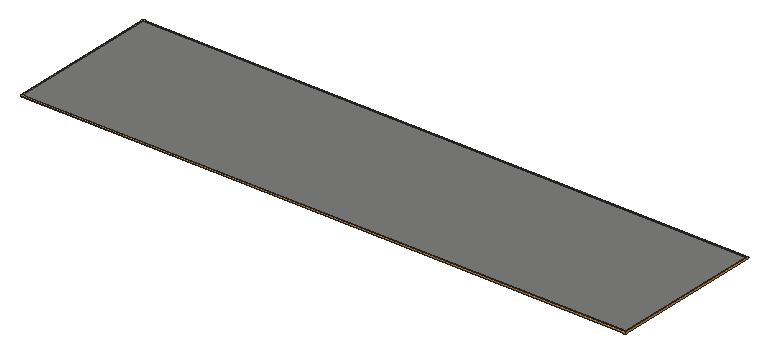
Revit family "Haworth_BandasSpace_Rugs", category Furniture, Revit 2018
Family settings
  OmniClass Number = 23.35.50.27.11.11
  OmniClass Title = Access Floors, Frames
  Work Plane-Based = No
  Always vertical = Yes
  Cut with Voids When Loaded = No
  Shared = No
  Room Calculation Point = No
Parameters (values of type "HCGN-BND Runner")
  Warranty = "http://www.haworth.com/resources/product-info/warranties"
  URL - Product = "https://www.haworth.com/products/accessories/rugs/bandas-space"
  URL = "http://www.haworth.com/our-brands/haworth-collection"
  Thickness = 1/4"  # constant formula
  Revision Number = "1"  # constant formula
  Overlay Finish [instance] = Haworth_Wool_Bandas Space_ Dark Grey ZN-A01
  Size = "Verify Final Dimensions w/ Haworth"  # constant formula
  Model = "HCGN-BND"  # constant formula
  Manufacturer = "Haworth"  # constant formula
  Description = "Haworth Bandas Space Rugs - Runner"
  Author = "Haworth (Alias)"  # constant formula
  Assembly Code = ""
  Actual Width = 23 77/128"  # constant formula
  Actual Length = 94 1/2"  # constant formula
Reference planes (in)
  plane 1: z = 0
  plane 2 "Left": x = -11.77344
  plane 3 "Right": x = 82.72656
  plane 4 "Back": y = 11.77344
  plane 5 "Front": y = -11.82813
  plane 6 "Center FB": y = -0.02734
  plane 7 "Center LR": x = 35.47656
  plane 8: z = 0.25
Forms (in)
  Extrusion 1, solid, material "Haworth_Wool_Bandas Space_ Dark Grey ZN-A01" <- "Overlay Finish"
    sketch origin (0, 0, 0) x (1, 0, 0) y (0, 1, 0)
      loop
        line (-11.77344, 11.77344) -> (-11.77344, -11.82813) -> (82.72656, -11.82813) -> (82.72656, 11.77344) -> (-11.77344, 11.77344)
    from 0 to 0.25
  Sweep 2, solid, material "Haworth_Wool_Bandas Space_ Medium Orange ZN-C03"
    path in 3D
      loop
        line (-11.77344, 11.77344, 0.25) -> (-11.77344, -11.82813, 0.25) -> (82.72656, -11.82813, 0.25) -> (82.72656, 11.77344, 0.25) -> (-11.77344, 11.77344, 0.25)
    profile origin (35.47656, 11.77344, 0.25) x (0, -1, 0) y (0, 0, 1)
      loop
        arc (0, 0) -> (-0.17375, -0.125) -> (0, -0.25) r 0.13184
        line (0, -0.25) -> (0, 0)
Lines and regions (in)
  Masking region 1
    outline origin (0, 0, 0) x (1, 0, 0) y (0, 1, 0)
      loop
        line (-11.77344, 11.77344) -> (-11.77344, -11.82813) -> (82.72656, -11.82813) -> (82.72656, 11.77344) -> (-11.77344, 11.77344)
  sketch lines
    curve 1: line (82.72656, 11.77344, 0.25) -> (-11.77344, 11.77344, 0.25)
    curve 2: line (82.72656, -11.82813, 0.25) -> (82.72656, 11.77344, 0.25)
    curve 3: line (-11.77344, -11.82813, 0.25) -> (82.72656, -11.82813, 0.25)
    curve 4: line (-11.77344, 11.77344, 0.25) -> (-11.77344, -11.82813, 0.25)
Dimensions and locks (in)
  equal spacing: plane 4 "Back", plane 6 "Center FB", plane 5 "Front"
  "Actual Width": plane 4 "Back" to plane 5 "Front"
  equal spacing: plane 2 "Left", plane 7 "Center LR", plane 3 "Right"
  "Actual Length": plane 2 "Left" to plane 3 "Right"
  "Thickness": plane 8 to plane 1
  aligned and locked: Extrusion 1 to plane 1
  aligned and locked: plane 2 "Left" to Extrusion 1 sketch curve
  aligned and locked: Extrusion 1 sketch curve to plane 5 "Front"
  aligned and locked: Extrusion 1 sketch curve to plane 4 "Back"
  aligned and locked: plane 3 "Right" to Extrusion 1 sketch curve
  aligned and locked: Extrusion 1 to plane 8
  aligned and locked: plane 2 "Left" to Masking region 1 sketch curve
  aligned and locked: Masking region 1 sketch curve to plane 5 "Front"
  aligned and locked: plane 3 "Right" to Masking region 1 sketch curve
  aligned and locked: Masking region 1 sketch curve to plane 4 "Back"
Automatic sketch dimensions
  Sweep 2 sketch curve to profile plane = 0"  (x2)
  profile plane to Sweep 2 sketch curve = 0.04191"
  Sweep 2 sketch curve to profile plane = 1/8"
